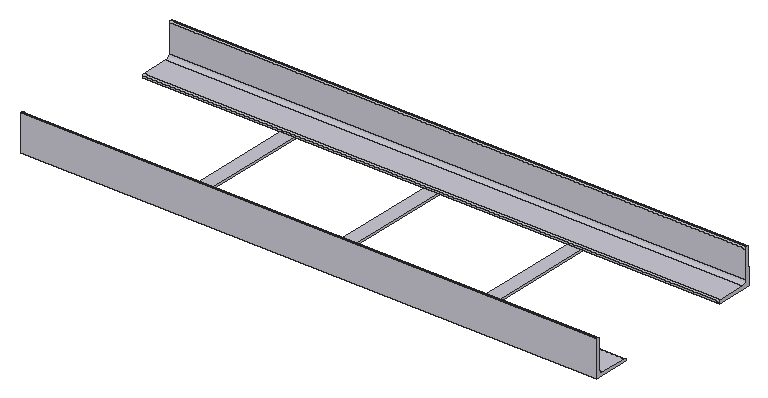
Revit family "PGS_Обобщенная модель_Перемычка металлическая", category Обобщенные модели, Revit 2022
Family settings
  Основа = Стена
  Может служить основой для арматурных стержней = Нет
  Размер круглого соединителя = Использовать диаметр
  Тип детали = Нормальный
  Всегда вертикально = Да
  При загрузке вырезать с полостями = Нет
  Сохранять ориентацию аннотаций = Нет
  Общий = Да
  Точка принадлежности помещению = Нет
Parameters (values of type "ADSK_Обобщенная модель_Перемычка из уголков")
  уголок_опирание_2 [instance] = 250 mm
  уголок_опирание_1 [instance] = 250 mm
  толщина стены [instance] = Толщина стены  # 920 mm
  полоса_шаг [instance] = if(Полоса_Шаг < size_lookup(ТВ1, "b", 10 mm, Полоса), size_lookup(ТВ1, "b", 10 mm, Полоса), Полоса_Шаг)  # 500 mm
  Ширина проема [instance] = 1510 mm
  Уголок_Полки внутрь [instance] = no
  Толщина утеплителя [instance] = 0 mm
  Толщина сердцевины [instance] = 640 mm
  Толщина наружной отделки [instance] = 260 mm
  Толщина внутренней отделки [instance] = 20 mm
  ТВ3 = "Уголок_ГОСТ 8510-86"  # constant formula
  Проверка_неравн_уголок [instance] = if(m_неравн_на_мп > 0.00 kg/m, 1 = 1, 1 = 0)  # no
  Полоса [instance] = "6x50"
  Орг.ТипВключатьВСпецификацию [instance] = no
  Орг.ИзделиеТипПодсчета [instance] = 200  # constant formula
  Опорные уголки [instance] = "125х10"
  Мрк.МаркаКонструкции [instance] = ""
  Внутренний уголок [instance] = "125х10"
  Уголок для облицовки [instance] = "125х10"
  ТВ2 = "Уголок_ГОСТ 8509-93"  # constant formula
  толщина внутренней отделки [instance] = if(Толщина стены - Толщина внутренней отделки - Толщина наружной отделки = Толщина сердцевины, Толщина внутренней отделки, Толщина стены - Толщина внутренней отделки)  # 20 mm
  ТВ1 = "Прокат_Полоса_ГОСТ 103-2006"  # constant formula
  Размер четверти [instance] = 0 mm
  Пластина_отступ_массив [instance] = if((Ширина проема - полоса_шаг * (round(Ширина проема / полоса_шаг) - 1)) / 2 > size_lookup(ТВ1, "b", 0 mm, Полоса) / 2, (Ширина проема - полоса_шаг * (round(Ширина проема / полоса_шаг) - 1)) / 2, (Ширина проема - полоса_шаг * (round(Ширина проема / полоса_шаг) - 2)) / 2)  # 255 mm
  Полоса_Шаг [instance] = 500 mm
  Полоса_Отступ [instance] = 20 mm
  Пластина_Длина [instance] = Толщина сердцевины - 2 * Полоса_Отступ  # 600 mm
  Пластина_N [instance] = if((Ширина проема - Полоса_Шаг * (round(Ширина проема / Полоса_Шаг) - 1)) / 2 > size_lookup(ТВ1, "b", 0 mm, Полоса) / 2, if(Ширина проема / Полоса_Шаг < 3, 3, Ширина проема / Полоса_Шаг), 3)  # 3
  Перемычка 1 [instance] = Толщина утеплителя > 0 mm  # no
  Отметка по умолчанию = 0 mm
  Отметка перемычки [instance] = 2000 mm
  Описание = "Перемычка"  # constant formula
  Уголок_Длина [instance] = Ширина проема + уголок_опирание_1 + уголок_опирание_2  # 2010 mm
  Толщина стены [instance] = 920 mm
  Вкл_Видимость_1 уголок [instance] = no
  Видимость_опорный уголок_2 [instance] = no
  Видимость_опорный уголок_1 [instance] = no
  Видимость_2 уголок_неравн [instance] = if(and(Проверка_неравн_уголок, Вкл_Видимость_1 уголок), 1 = 0, if(Проверка_неравн_уголок, 1 = 1, 1 = 0))  # no
  Видимость_2 уголок [instance] = if(Вкл_Видимость_1 уголок, 1 = 0, if(not(Проверка_неравн_уголок), 1 = 1, 1 = 0))  # yes
  Видимость_1 уголок_неравн [instance] = if(Проверка_неравн_уголок, 1 = 1, 1 = 0)  # no
  Видимость_1 уголок [instance] = if(not(Видимость_1 уголок_неравн), 1 = 1, 1 = 0)  # yes
  Видимость пластин [instance] = if(or(Видимость_2 уголок, Видимость_2 уголок_неравн), 1 = 1, 1 = 0)  # yes
  m_полоса_на_мп [instance] = size_lookup(ТВ1, "ADSK_Масса на единицу длины", 0.00 kg/m, Полоса)  # 2.355 kg/m
  m_опорн_на_мп [instance] = size_lookup(ТВ2, "ADSK_Масса на единицу длины", 0.00 kg/m, Опорные уголки)  # 19.10 kg/m
  m_облиц_на_мп [instance] = size_lookup(ТВ2, "ADSK_Масса на единицу длины", 0.00 kg/m, Уголок для облицовки)  # 19.10 kg/m
  m_неравн_на_мп [instance] = size_lookup(ТВ3, "ADSK_Масса на единицу длины", 0.00 kg/m, Внутренний уголок)  # 0.00 kg/m
  m_внутр_на_мп [instance] = size_lookup(ТВ2, "ADSK_Масса на единицу длины", 0.00 kg/m, Внутренний уголок)  # 19.10 kg/m
  m4_2 [instance] = if(Видимость_опорный уголок_2, m_опорн_на_мп * Толщина сердцевины, 0.00 kg)  # 0.00 kg
  m4_1 [instance] = if(Видимость_опорный уголок_1, m_опорн_на_мп * Толщина сердцевины, 0.00 kg)  # 0.00 kg
  m3 [instance] = if(Видимость пластин, m_полоса_на_мп * Пластина_Длина, 0.00 kg)  # 1.413 kg
  m2_4 [instance] = if(Видимость_2 уголок_неравн, m_неравн_на_мп * Уголок_Длина, 0.00 kg)  # 0.00 kg
  m2_3 [instance] = if(Видимость_1 уголок_неравн, m_неравн_на_мп * Уголок_Длина, 0.00 kg)  # 0.00 kg
  m2_2 [instance] = if(Видимость_2 уголок, m_внутр_на_мп * Уголок_Длина, 0.00 kg)  # 38.391 kg
  m2_1 [instance] = if(Видимость_1 уголок, m_внутр_на_мп * Уголок_Длина, 0.00 kg)  # 38.391 kg
  m1 [instance] = if(Перемычка 1, m_облиц_на_мп * Уголок_Длина, 0.00 kg)  # 0.00 kg
  b4 [instance] = if(Уголок_Полки внутрь, Толщина стены / 2 - Толщина внутренней отделки, Толщина стены / 2 - Толщина внутренней отделки + size_lookup(ТВ2, "t", 0 mm, Внутренний уголок))  # 450 mm
  b3 [instance] = Толщина стены / 2 - Толщина наружной отделки - Полоса_Отступ  # 180 mm
  b2 [instance] = if(Уголок_Полки внутрь, Толщина стены / 2 - Толщина наружной отделки, Толщина стены / 2 - Толщина наружной отделки + size_lookup(ТВ2, "t", 0 mm, Внутренний уголок))  # 210 mm
  b1 [instance] = Толщина стены / 2 - Толщина наружной отделки + Толщина утеплителя - size_lookup(ТВ2, "t", 0 mm, Уголок для облицовки)  # 190 mm
  PGS_МаркаПеремычки [instance] = ""
  ADSK_Позиция_Сортировка [instance] = size_lookup(ТВ2, "ADSK_Группа конструкций", 0, Внутренний уголок) * 10000000000 + size_lookup(ТВ1, "ADSK_Группа конструкций", 0, Полоса) * 100000000 + if(Перемычка 1, size_lookup(ТВ2, "ADSK_Группа конструкций", 0, Уголок для облицовки), 0) * 1000000 + Уголок_Длина / 100 mm * 10000 + Пластина_Длина / 10 mm * 100 + Полоса_Шаг / 10 mm + if(and(Размер четверти > 0 mm, Толщина утеплителя > 0 mm), 0.1, 0) + if(Толщина утеплителя > 0 mm, 0.2, 0) + if(Уголок_Полки внутрь, 0.01, 0)  # 588800206610
  ADSK_Наименование [instance] = "Перемычка металлическая"  # constant formula
  ADSK_Масса элемента [instance] = m1 + m2_1 + m2_2 + m2_3 + m2_4 + m3 * Пластина_N + m4_1 + m4_2  # 81.021 kg
  ADSK_Группирование [instance] = "Родительское"
  ADSK_Группа конструкций [instance] = 6
  ADSK_Версия семейства = "1.0"  # constant formula
  ADSK_Версия Revit = "2022"  # constant formula
Types (2, lengths in mm): name | Полоса_Отступ | Пластина_Длина | m3 | b3 | ADSK_Масса элемента
  ADSK_Обобщенная модель_Перемычка из уголков | 20 | 600 | 1.413 kg | 180 | 81.021 kg
  Перемычка из уголков | -10 | 660 | 1.5543 kg | 210 | 81.4449 kg
Reference planes
  plane 1 "Стена": y = 0
  plane 2 "По центру (Влево/Вправо)": x = 125
  plane 3 "Сзади": y = 460
  plane 4: y = -440
  plane 5: y = 190
  plane 6: y = 180
  plane 7: y = -450
  plane 8 "Плоскость отметки": z = 2000
  plane 9: y = -120
  plane 10: z = 2000
  plane 11: y = -460
  plane 12: z = 0
  plane 13: x = -630
  plane 14: x = 880
  plane 15: x = -880
  plane 16: x = 1130
  plane 17: y = 210
  plane 18: x = -375
  plane 19: x = 125
Lines and regions (mm)
  model lines, style "InvisibleLines", not visible
    curve 1: line (125, 0, 2000) -> (125, 0, 0)
  symbolic lines, style "Условные элементы", detail levels coarse
    curve 2: line (-880, -120, 0) -> (1130, -120, 0)
Text (mm)
  text "Сторона размещения" at (-1848.837, 1116.779, 0), in view "Опорный уровень"
  text "Сторона размещения" at (0, 1409.804, 2854.306), in view "Слева"
  text "Сторона размещения" at (0, 499.811, 2980.732), in view "Справа"
Dimensions and locks
  locked: plane 3 "Сзади" to host wall
  "Толщина сердцевины": host wall to host wall
  "Размер четверти": plane 8 "Плоскость отметки" to plane 10
  "Толщина внутренней отделки": host wall to host wall
  "толщина внутренней отделки": plane 4 to plane 11
  "Толщина стены": host wall to host wall
  "Отметка перемычки": plane 8 "Плоскость отметки" to plane 12
  "Толщина наружной отделки": host wall to host wall
  equal spacing: host wall, plane 9, host wall
  equal spacing: plane 13, plane 2 "По центру (Влево/Вправо)", plane 14
  "Ширина проема": plane 13 to plane 14
  "толщина стены": plane 3 "Сзади" to plane 11
  "b1": plane 5 to plane 1 "Стена"
  "b3": plane 6 to plane 1 "Стена"
  "b4": plane 1 "Стена" to plane 7
  "b2": plane 17 to plane 1 "Стена"
  "полоса_шаг": plane 18 to plane 19
  "Пластина_отступ_массив": plane 13 to plane 18
  equal spacing: group 1, group 2, group 3  (x3)
  "уголок_опирание_2": plane 14 to plane 16
  "уголок_опирание_1": plane 15 to plane 13
  aligned and locked: plane 1 "Стена" to host wall
  aligned and locked: plane 10 to nested 1
  aligned and locked: level to plane 12
  aligned and locked: plane 2 "По центру (Влево/Вправо)" to curve 1
  aligned and locked: curve 2 to plane 9
  aligned and locked: plane 15 to curve 2
  aligned and locked: plane 16 to curve 2
  aligned and locked: plane 5 to nested 1
  aligned and locked: plane 8 "Плоскость отметки" to nested 2  (x2)
  aligned and locked: plane 6 to nested 2
  aligned and locked: plane 17 to nested 3
  aligned and locked: nested 4 to plane 7
  aligned and locked: plane 18 to nested 2
  aligned and locked: plane 19 to nested 5
  aligned and locked: nested 2 to plane 6
  aligned and locked: plane 6 to nested 5
  aligned and locked: nested 5 to plane 8 "Плоскость отметки"
  aligned and locked: nested 1 to plane 13
  aligned and locked: nested 3 to plane 13
  aligned and locked: plane 14 to nested 3
  aligned and locked: plane 13 to nested 4
  aligned and locked: nested 4 to plane 14
  aligned and locked: plane 15 to nested 7
  aligned and locked: plane 8 "Плоскость отметки" to nested 7
  aligned and locked: plane 16 to nested 8
  aligned and locked: nested 7 to plane 8 "Плоскость отметки"
  aligned and locked: plane 8 "Плоскость отметки" to nested 8
  aligned and locked: plane 4 to nested 7  (x2)
  aligned and locked: plane 4 to nested 8
  aligned and locked: nested 7 to plane 4
  aligned and locked: nested 10 to plane 2 "По центру (Влево/Вправо)"
  aligned and locked: plane 7 to nested 10
  aligned and locked: plane 17 to nested 9
  aligned and locked: nested 9 to plane 13
  aligned and locked: nested 10 to plane 13
  aligned and locked: nested 9 to plane 8 "Плоскость отметки"
  aligned and locked: nested 10 to plane 8 "Плоскость отметки"
Automatic sketch dimensions
  curve 1 to level = 0 mm
  curve 1 to plane 8 "Плоскость отметки" = 0 mm
Nested families
  nested 1: "ADSK_ОбобщеннаяМодель_Уголок_ГОСТ 85091" at (350, 190, 2000) x (-1, 0, 0) z (0, 0, 1), Тип уголка <- "Уголок для облицовки", visible <- "Перемычка 1", ADSK_Группа конструкций <- "ADSK_Группа конструкций", Орг.ТипВключатьВСпецификацию <- "Орг.ТипВключатьВСпецификацию", Мрк.МаркаКонструкции <- "Мрк.МаркаКонструкции", ADSK_Масса элемента <- "m1", Длина_без опирания <- "Ширина проема", Опирание_1 <- "уголок_опирание_2", Опирание_2 <- "уголок_опирание_1", type "ADSK_ОбобщеннаяМодель_Уголок_ГОСТ 8509-93", detail levels medium+fine
    with Тип уголка "125х10", Смещение по Z yes, Смещение по Y yes, Профиль развернут no, Орг.ТипВключатьВСпецификацию no, Орг.ИзделиеТипПодсчета 100, Опирание_2 250 mm, Опирание_1 250 mm, Длина_без опирания 1510 mm, t 1.0 cm, r 0.46 cm, iyo 2.47 cm, ix 3.85 cm, b 12.5 cm, Z 34.5 mm, Y 34.5 mm, Xo 3.45 cm, Wyo 30.45 cm³, Wx 39.74 cm³, R 1.4 cm, PGS_МаркаПеремычки "", Iyo 148.59 cm⁴, Ixy 211.00 cm⁴, Ixo 571.04 cm⁴, Ix 359.82 cm⁴, ADSK_Тип элемента КМ 2, ADSK_Позиция ведомость элементов "", ADSK_Наименование профиля "Уголки стальные горячекатаные равнополочные", ADSK_Наименование краткое "125x10", ADSK_Наименование "125x10", ADSK_Материал ADSK_Металл_Сталь литейная, ADSK_Масса элемента 0.00 kg, ADSK_Масса на единицу длины 19.10 kg/m, Мрк.МаркаКонструкции "", Мрк.МаркаИзделия "", ADSK_Деталь наоборот no, ADSK_Группирование "Вложенное", ADSK_Группа конструкций 6, ADSK_Главная деталь конструкции no, Орг.ГлавнаяДетальСборки no, ADSK_Размер_Длина 2010 mm
  nested 2: "ADSK_ОбобщеннаяМодель_Прокат_Полоса_ГОСТ 103-2006" at (-375, -420, 2000) x (0, 1, 0) z (0, 0, -1), Сечение проката <- "Полоса", ADSK_Размер_Длина <- "Пластина_Длина", visible <- "Видимость пластин", ADSK_Группа конструкций <- "ADSK_Группа конструкций", ADSK_Шаг элементов <- "Полоса_Шаг", Орг.ТипВключатьВСпецификацию <- "Орг.ТипВключатьВСпецификацию", Мрк.МаркаКонструкции <- "Мрк.МаркаКонструкции", ADSK_Масса элемента <- "m3", type "ADSK_ОбобщеннаяМодель_Прокат_Полоса_ГОСТ 103-2006", detail levels medium+fine
    with Угол поворота сечения 0.00°, Угол 0.00°, Угловой вырез_Сторона 2 2.0 cm, Угловой вырез_Сторона 1 4.0 cm, Угловой вырез_Радиус 2.0 cm, Угловой вырез_4 none, Угловой вырез_3 none, Угловой вырез_2 none, Угловой вырез_1 none, Смещение по Z yes, Смещение по Y no, Сечение проката "6x50", Орг.ТипВключатьВСпецификацию no, Орг.ИзделиеТипПодсчета 100, Вырез под болты_С торцов none, Вырез под болты_С боков none, Вырез под болты_Размер до центра 20 mm, Вырез под болты_Диаметр 20 mm, Видимость линии yes, b 5.0 cm, a 0.6 cm, Z(1) 0.6 cm, Z(-1) 0.0 cm, Z 0.3 cm, Y(1) 2.5 cm, Y(-1) 2.5 cm, Y 0.0 cm, PGS_МаркаПеремычки "", ADSK_Шаг элементов 500 mm, ADSK_Тип элемента КМ 2, ADSK_Размер_Длина 600 mm, ADSK_Позиция ведомость элементов "", ADSK_Обозначение "ГОСТ 103-2006", ADSK_НаименованиеСоставное_Текст1 "Полоса", ADSK_Наименование профиля "Прокат сортовой стальной горячекатаный полосовой", ADSK_Наименование краткое "t6", ADSK_Наименование "6x50", ADSK_Материал ADSK_Металл_Сталь литейная, ADSK_Масса элемента 1.413 kg, ADSK_Масса на единицу длины 2.355 kg/m, Мрк.МаркаКонструкции "", Мрк.МаркаИзделия "", ADSK_Деталь наоборот no, ADSK_Группирование "Вложенное", ADSK_Группа конструкций 6, ADSK_Главная деталь конструкции no, Орг.ГлавнаяДетальСборки no
  nested 3: "ADSK_ОбобщеннаяМодель_Уголок_ГОСТ 85091" at (-100, 210, 2000), ADSK_Группа конструкций <- "ADSK_Группа конструкций", Тип уголка <- "Внутренний уголок", Профиль развернут <- "Уголок_Полки внутрь", visible <- "Видимость_2 уголок", Орг.ТипВключатьВСпецификацию <- "Орг.ТипВключатьВСпецификацию", Мрк.МаркаКонструкции <- "Мрк.МаркаКонструкции", ADSK_Масса элемента <- "m2_1", Опирание_1 <- "уголок_опирание_1", Опирание_2 <- "уголок_опирание_2", Длина_без опирания <- "Ширина проема", type "ADSK_ОбобщеннаяМодель_Уголок_ГОСТ 8509-93", detail levels medium+fine
    with Тип уголка "125х10", Смещение по Z yes, Смещение по Y yes, Профиль развернут no, Орг.ТипВключатьВСпецификацию no, Орг.ИзделиеТипПодсчета 100, Опирание_2 250 mm, Опирание_1 250 mm, Длина_без опирания 1510 mm, t 1.0 cm, r 0.46 cm, iyo 2.47 cm, ix 3.85 cm, b 12.5 cm, Z 34.5 mm, Y 34.5 mm, Xo 3.45 cm, Wyo 30.45 cm³, Wx 39.74 cm³, R 1.4 cm, PGS_МаркаПеремычки "", Iyo 148.59 cm⁴, Ixy 211.00 cm⁴, Ixo 571.04 cm⁴, Ix 359.82 cm⁴, ADSK_Тип элемента КМ 2, ADSK_Позиция ведомость элементов "", ADSK_Наименование профиля "Уголки стальные горячекатаные равнополочные", ADSK_Наименование краткое "125x10", ADSK_Наименование "125x10", ADSK_Материал ADSK_Металл_Сталь литейная, ADSK_Масса элемента 38.391 kg, ADSK_Масса на единицу длины 19.10 kg/m, Мрк.МаркаКонструкции "", Мрк.МаркаИзделия "", ADSK_Деталь наоборот no, ADSK_Группирование "Вложенное", ADSK_Группа конструкций 6, ADSK_Главная деталь конструкции no, Орг.ГлавнаяДетальСборки no, ADSK_Размер_Длина 2010 mm
  nested 4: "ADSK_ОбобщеннаяМодель_Уголок_ГОСТ 85091" at (-100, -450, 2000), ADSK_Группа конструкций <- "ADSK_Группа конструкций", Тип уголка <- "Внутренний уголок", Профиль развернут <- "Уголок_Полки внутрь", visible <- "Видимость_1 уголок", Орг.ТипВключатьВСпецификацию <- "Орг.ТипВключатьВСпецификацию", Мрк.МаркаКонструкции <- "Мрк.МаркаКонструкции", ADSK_Масса элемента <- "m2_1", Опирание_1 <- "уголок_опирание_1", Опирание_2 <- "уголок_опирание_2", Длина_без опирания <- "Ширина проема", type "ADSK_ОбобщеннаяМодель_Уголок_ГОСТ 8509-93", detail levels medium+fine
    with Тип уголка "125х10", Смещение по Z yes, Смещение по Y yes, Профиль развернут no, Орг.ТипВключатьВСпецификацию no, Орг.ИзделиеТипПодсчета 100, Опирание_2 250 mm, Опирание_1 250 mm, Длина_без опирания 1510 mm, t 1.0 cm, r 0.46 cm, iyo 2.47 cm, ix 3.85 cm, b 12.5 cm, Z 34.5 mm, Y 34.5 mm, Xo 3.45 cm, Wyo 30.45 cm³, Wx 39.74 cm³, R 1.4 cm, PGS_МаркаПеремычки "", Iyo 148.59 cm⁴, Ixy 211.00 cm⁴, Ixo 571.04 cm⁴, Ix 359.82 cm⁴, ADSK_Тип элемента КМ 2, ADSK_Позиция ведомость элементов "", ADSK_Наименование профиля "Уголки стальные горячекатаные равнополочные", ADSK_Наименование краткое "125x10", ADSK_Наименование "125x10", ADSK_Материал ADSK_Металл_Сталь литейная, ADSK_Масса элемента 38.391 kg, ADSK_Масса на единицу длины 19.10 kg/m, Мрк.МаркаКонструкции "", Мрк.МаркаИзделия "", ADSK_Деталь наоборот no, ADSK_Группирование "Вложенное", ADSK_Группа конструкций 6, ADSK_Главная деталь конструкции no, Орг.ГлавнаяДетальСборки no, ADSK_Размер_Длина 2010 mm
  nested 5: "ADSK_ОбобщеннаяМодель_Прокат_Полоса_ГОСТ 103-2006" at (125, -420, 2000) x (0, 1, 0) z (0, 0, -1), Сечение проката <- "Полоса", ADSK_Размер_Длина <- "Пластина_Длина", visible <- "Видимость пластин", ADSK_Группа конструкций <- "ADSK_Группа конструкций", ADSK_Шаг элементов <- "Полоса_Шаг", Орг.ТипВключатьВСпецификацию <- "Орг.ТипВключатьВСпецификацию", Мрк.МаркаКонструкции <- "Мрк.МаркаКонструкции", ADSK_Масса элемента <- "m3", type "ADSK_ОбобщеннаяМодель_Прокат_Полоса_ГОСТ 103-2006", detail levels medium+fine
    with Угол поворота сечения 0.00°, Угол 0.00°, Угловой вырез_Сторона 2 2.0 cm, Угловой вырез_Сторона 1 4.0 cm, Угловой вырез_Радиус 2.0 cm, Угловой вырез_4 none, Угловой вырез_3 none, Угловой вырез_2 none, Угловой вырез_1 none, Смещение по Z yes, Смещение по Y no, Сечение проката "6x50", Орг.ТипВключатьВСпецификацию no, Орг.ИзделиеТипПодсчета 100, Вырез под болты_С торцов none, Вырез под болты_С боков none, Вырез под болты_Размер до центра 20 mm, Вырез под болты_Диаметр 20 mm, Видимость линии yes, b 5.0 cm, a 0.6 cm, Z(1) 0.6 cm, Z(-1) 0.0 cm, Z 0.3 cm, Y(1) 2.5 cm, Y(-1) 2.5 cm, Y 0.0 cm, PGS_МаркаПеремычки "", ADSK_Шаг элементов 500 mm, ADSK_Тип элемента КМ 2, ADSK_Размер_Длина 600 mm, ADSK_Позиция ведомость элементов "", ADSK_Обозначение "ГОСТ 103-2006", ADSK_НаименованиеСоставное_Текст1 "Полоса", ADSK_Наименование профиля "Прокат сортовой стальной горячекатаный полосовой", ADSK_Наименование краткое "t6", ADSK_Наименование "6x50", ADSK_Материал ADSK_Металл_Сталь литейная, ADSK_Масса элемента 1.413 kg, ADSK_Масса на единицу длины 2.355 kg/m, Мрк.МаркаКонструкции "", Мрк.МаркаИзделия "", ADSK_Деталь наоборот no, ADSK_Группирование "Вложенное", ADSK_Группа конструкций 6, ADSK_Главная деталь конструкции no, Орг.ГлавнаяДетальСборки no
  nested 6: "ADSK_ОбобщеннаяМодель_Прокат_Полоса_ГОСТ 103-2006" at (625, -420, 2000) x (0, 1, 0) z (0, 0, -1), Сечение проката <- "Полоса", ADSK_Размер_Длина <- "Пластина_Длина", visible <- "Видимость пластин", ADSK_Группа конструкций <- "ADSK_Группа конструкций", ADSK_Шаг элементов <- "Полоса_Шаг", Орг.ТипВключатьВСпецификацию <- "Орг.ТипВключатьВСпецификацию", Мрк.МаркаКонструкции <- "Мрк.МаркаКонструкции", ADSK_Масса элемента <- "m3", type "ADSK_ОбобщеннаяМодель_Прокат_Полоса_ГОСТ 103-2006", detail levels medium+fine
    with Угол поворота сечения 0.00°, Угол 0.00°, Угловой вырез_Сторона 2 2.0 cm, Угловой вырез_Сторона 1 4.0 cm, Угловой вырез_Радиус 2.0 cm, Угловой вырез_4 none, Угловой вырез_3 none, Угловой вырез_2 none, Угловой вырез_1 none, Смещение по Z yes, Смещение по Y no, Сечение проката "6x50", Орг.ТипВключатьВСпецификацию no, Орг.ИзделиеТипПодсчета 100, Вырез под болты_С торцов none, Вырез под болты_С боков none, Вырез под болты_Размер до центра 20 mm, Вырез под болты_Диаметр 20 mm, Видимость линии yes, b 5.0 cm, a 0.6 cm, Z(1) 0.6 cm, Z(-1) 0.0 cm, Z 0.3 cm, Y(1) 2.5 cm, Y(-1) 2.5 cm, Y 0.0 cm, PGS_МаркаПеремычки "", ADSK_Шаг элементов 500 mm, ADSK_Тип элемента КМ 2, ADSK_Размер_Длина 600 mm, ADSK_Позиция ведомость элементов "", ADSK_Обозначение "ГОСТ 103-2006", ADSK_НаименованиеСоставное_Текст1 "Полоса", ADSK_Наименование профиля "Прокат сортовой стальной горячекатаный полосовой", ADSK_Наименование краткое "t6", ADSK_Наименование "6x50", ADSK_Материал ADSK_Металл_Сталь литейная, ADSK_Масса элемента 1.413 kg, ADSK_Масса на единицу длины 2.355 kg/m, Мрк.МаркаКонструкции "", Мрк.МаркаИзделия "", ADSK_Деталь наоборот no, ADSK_Группирование "Вложенное", ADSK_Группа конструкций 6, ADSK_Главная деталь конструкции no, Орг.ГлавнаяДетальСборки no
  nested 7: "ADSK_ОбобщеннаяМодель_Уголок_ГОСТ 85091_опорный" at (-755, -130, 2000) x (0, 1, 0) z (0, 0, -1), ADSK_Группа конструкций <- "ADSK_Группа конструкций", Тип уголка <- "Опорные уголки", visible <- "Видимость_опорный уголок_1", Орг.ТипВключатьВСпецификацию <- "Орг.ТипВключатьВСпецификацию", Мрк.МаркаКонструкции <- "Мрк.МаркаКонструкции", ADSK_Масса элемента <- "m4_1", ADSK_Размер_Длина <- "Толщина сердцевины", type "ADSK_ОбобщеннаяМодель_Уголок_ГОСТ 8509-93 2", detail levels medium+fine
    with Тип уголка "125х10", Смещение по Z yes, Смещение по Y yes, Профиль развернут yes, Орг.ТипВключатьВСпецификацию no, Орг.ИзделиеТипПодсчета 100, t 1.0 cm, r 0.46 cm, iyo 2.47 cm, ix 3.85 cm, b 12.5 cm, Z 34.5 mm, Y 90.5 mm, Xo 3.45 cm, Wyo 30.45 cm³, Wx 39.74 cm³, R 1.4 cm, PGS_МаркаПеремычки "", Iyo 148.59 cm⁴, Ixy 211.00 cm⁴, Ixo 571.04 cm⁴, Ix 359.82 cm⁴, ADSK_Тип элемента КМ 2, ADSK_Размер_Длина 640 mm, ADSK_Позиция ведомость элементов "", ADSK_Наименование профиля "Уголки стальные горячекатаные равнополочные", ADSK_Наименование краткое "125x10", ADSK_Наименование "125x10", ADSK_Материал ADSK_Металл_Сталь литейная, ADSK_Масса элемента 0.00 kg, ADSK_Масса на единицу длины 19.10 kg/m, Мрк.МаркаКонструкции "", Мрк.МаркаИзделия "", ADSK_Деталь наоборот no, ADSK_Группирование "Вложенное", ADSK_Группа конструкций 6, ADSK_Главная деталь конструкции no, Орг.ГлавнаяДетальСборки no
  nested 8: "ADSK_ОбобщеннаяМодель_Уголок_ГОСТ 85091_опорный" at (1130, -130, 2000) x (0, 1, 0) z (0, 0, -1), ADSK_Группа конструкций <- "ADSK_Группа конструкций", Тип уголка <- "Опорные уголки", visible <- "Видимость_опорный уголок_2", Орг.ТипВключатьВСпецификацию <- "Орг.ТипВключатьВСпецификацию", Мрк.МаркаКонструкции <- "Мрк.МаркаКонструкции", ADSK_Масса элемента <- "m4_2", ADSK_Размер_Длина <- "Толщина сердцевины", type "ADSK_ОбобщеннаяМодель_Уголок_ГОСТ 8509-93 2", detail levels medium+fine
    with Тип уголка "125х10", Смещение по Z yes, Смещение по Y yes, Профиль развернут no, Орг.ТипВключатьВСпецификацию no, Орг.ИзделиеТипПодсчета 100, t 1.0 cm, r 0.46 cm, iyo 2.47 cm, ix 3.85 cm, b 12.5 cm, Z 34.5 mm, Y 34.5 mm, Xo 3.45 cm, Wyo 30.45 cm³, Wx 39.74 cm³, R 1.4 cm, PGS_МаркаПеремычки "", Iyo 148.59 cm⁴, Ixy 211.00 cm⁴, Ixo 571.04 cm⁴, Ix 359.82 cm⁴, ADSK_Тип элемента КМ 2, ADSK_Размер_Длина 640 mm, ADSK_Позиция ведомость элементов "", ADSK_Наименование профиля "Уголки стальные горячекатаные равнополочные", ADSK_Наименование краткое "125x10", ADSK_Наименование "125x10", ADSK_Материал ADSK_Металл_Сталь литейная, ADSK_Масса элемента 0.00 kg, ADSK_Масса на единицу длины 19.10 kg/m, Мрк.МаркаКонструкции "", Мрк.МаркаИзделия "", ADSK_Деталь наоборот no, ADSK_Группирование "Вложенное", ADSK_Группа конструкций 6, ADSK_Главная деталь конструкции no, Орг.ГлавнаяДетальСборки no
  nested 9: "PGS_ОбобщеннаяМодель_Уголок_ГОСТ 8510-86" at (150, 155.1, 2034.3) x (-1, 0, 0) z (0, 0, 1), Опирание_1 <- "уголок_опирание_1", Опирание_2 <- "уголок_опирание_2", Длина_без опирания <- "Ширина проема", Тип уголка <- "Внутренний уголок", visible <- "Видимость_2 уголок_неравн", Мрк.МаркаКонструкции <- "Мрк.МаркаКонструкции", ADSK_Масса элемента <- "m2_4", Орг.ТипВключатьВСпецификацию <- "Орг.ТипВключатьВСпецификацию", Профиль развернут <- "Уголок_Полки внутрь", type "ADSK_ОбобщеннаяМодель_Уголок_ГОСТ 8510-86"
    with Тип уголка "125х10", Смещение по Z no, Смещение по Y no, Профиль развернут no, Орг.ТипВключатьВСпецификацию no, Орг.ИзделиеТипПодсчета 100, Орг.ГлавнаяДетальСборки no, Опирание_2 250 mm, Опирание_1 250 mm, Мрк.МаркаКонструкции "", Мрк.МаркаИзделия "", Длина_без опирания 1510 mm, t 0.3 cm, r 0.12 cm, lumin 0.00 cm⁴, ix 0.0 cm, iumin 0.0 cm, b 2.0 cm, Z 0 mm, Y 0 mm, Xo 0.12 cm, Wy 0.0 cm³, Wx 0.0 cm³, R 0.35 cm, PGS_МаркаПеремычки "", Iy 0.00 cm⁴, Ixy 0.00 cm⁴, Ix 0.00 cm⁴, ADSK_Тип элемента КМ 2, ADSK_Позиция ведомость элементов "", ADSK_Наименование профиля "Уголки стальные горячекатаные неравнополочные", ADSK_Наименование краткое "Неверный тип уголка", ADSK_Наименование "Неверный тип уголка", ADSK_Материал ADSK_Металл_Сталь литейная, ADSK_Масса элемента 0.00 kg, ADSK_Масса на единицу длины 0.00 kg/m, ADSK_Деталь наоборот no, ADSK_Группирование "Вложенное", ADSK_Группа конструкций 6, ADSK_Главная деталь конструкции no, ADSK_Размер_Длина 2010 mm
  nested 10: "PGS_ОбобщеннаяМодель_Уголок_ГОСТ 8510-86" at (100, -395.1, 2034.3), Опирание_1 <- "уголок_опирание_1", Опирание_2 <- "уголок_опирание_2", Длина_без опирания <- "Ширина проема", Тип уголка <- "Внутренний уголок", visible <- "Видимость_1 уголок_неравн", Мрк.МаркаКонструкции <- "Мрк.МаркаКонструкции", ADSK_Масса элемента <- "m2_3", Орг.ТипВключатьВСпецификацию <- "Орг.ТипВключатьВСпецификацию", Профиль развернут <- "Уголок_Полки внутрь", type "ADSK_ОбобщеннаяМодель_Уголок_ГОСТ 8510-86"
    with Тип уголка "125х10", Смещение по Z no, Смещение по Y no, Профиль развернут no, Орг.ТипВключатьВСпецификацию no, Орг.ИзделиеТипПодсчета 100, Орг.ГлавнаяДетальСборки no, Опирание_2 250 mm, Опирание_1 250 mm, Мрк.МаркаКонструкции "", Мрк.МаркаИзделия "", Длина_без опирания 1510 mm, t 0.3 cm, r 0.12 cm, lumin 0.00 cm⁴, ix 0.0 cm, iumin 0.0 cm, b 2.0 cm, Z 0 mm, Y 0 mm, Xo 0.12 cm, Wy 0.0 cm³, Wx 0.0 cm³, R 0.35 cm, PGS_МаркаПеремычки "", Iy 0.00 cm⁴, Ixy 0.00 cm⁴, Ix 0.00 cm⁴, ADSK_Тип элемента КМ 2, ADSK_Позиция ведомость элементов "", ADSK_Наименование профиля "Уголки стальные горячекатаные неравнополочные", ADSK_Наименование краткое "Неверный тип уголка", ADSK_Наименование "Неверный тип уголка", ADSK_Материал ADSK_Металл_Сталь литейная, ADSK_Масса элемента 0.00 kg, ADSK_Масса на единицу длины 0.00 kg/m, ADSK_Деталь наоборот no, ADSK_Группирование "Вложенное", ADSK_Группа конструкций 6, ADSK_Главная деталь конструкции no, ADSK_Размер_Длина 2010 mm
Definition of nested family "ADSK_ОбобщеннаяМодель_Уголок_ГОСТ 85091"
  Parameters (values of type "ADSK_ОбобщеннаяМодель_Уголок_ГОСТ 8509-93")
    Смещение по Z [instance] = no
    Смещение по Y [instance] = no
    Тип уголка [instance] = "50х5"
    ТВ = "Уголок_ГОСТ 8509-93"  # constant formula
    Профиль развернут [instance] = no
    Default Elevation = 1219.2 mm
    Орг.ТипВключатьВСпецификацию [instance] = no
    Орг.ИзделиеТипПодсчета [instance] = 100  # constant formula
    Опирание_2 [instance] = 50 mm
    Опирание_1 [instance] = 50 mm
    Длина_без опирания [instance] = 1510 mm
    r [instance] = size_lookup(ТВ, "r", 0.12 cm, ADSK_Наименование)  # 0.18 cm
    iyo [instance] = size_lookup(ТВ, "iyo", 0.0 cm, ADSK_Наименование)  # 0.98 cm
    ix [instance] = size_lookup(ТВ, "ix", 0.0 cm, ADSK_Наименование)  # 1.53 cm
    b [instance] = size_lookup(ТВ, "b", 2.0 cm, ADSK_Наименование)  # 5.0 cm
    t [instance] = size_lookup(ТВ, "t", 0.3 cm, ADSK_Наименование)  # 0.5 cm
    Z [instance] = if(Смещение по Z, Xo, 0 mm)  # 0 mm
    Y [instance] = if(Профиль развернут, if(Смещение по Y, b - Xo, 0 mm), if(Смещение по Y, Xo, 0 mm))  # 0 mm
    Xo [instance] = size_lookup(ТВ, "Xo", 0.12 cm, ADSK_Наименование)  # 1.42 cm
    Wyo [instance] = size_lookup(ТВ, "Wyo", 0.0 cm³, ADSK_Наименование)  # 2.3 cm³
    Wx [instance] = size_lookup(ТВ, "Wx", 0.0 cm³, ADSK_Наименование)  # 3.13 cm³
    R [instance] = size_lookup(ТВ, "R", 0.35 cm, ADSK_Наименование)  # 0.55 cm
    PGS_МаркаПеремычки [instance] = ""
    Iyo [instance] = size_lookup(ТВ, "Iyo", 0.00 cm⁴, ADSK_Наименование)  # 4.63 cm⁴
    Ixy [instance] = size_lookup(ТВ, "Ixy", 0.00 cm⁴, ADSK_Наименование)  # 6.57 cm⁴
    Ixo [instance] = size_lookup(ТВ, "Ixo", 0.00 cm⁴, ADSK_Наименование)  # 17.77 cm⁴
    Ix [instance] = size_lookup(ТВ, "Ix", 0.00 cm⁴, ADSK_Наименование)  # 11.20 cm⁴
    ADSK_Размер_Длина [instance] = 1610 mm
    ADSK_Позиция ведомость элементов [instance] = ""
    ADSK_Обозначение = "ГОСТ8509-93"  # constant formula
    ADSK_НаименованиеСоставное_Префикс = ""  # constant formula
    ADSK_НаименованиеСоставное_Текст1 = "Уголок"  # constant formula
    ADSK_Наименование краткое [instance] = ADSK_Наименование  # "50x5"
    ADSK_Наименование [instance] = size_lookup(ТВ, "", "Неверный тип уголка", Тип уголка)  # "50x5"
    ADSK_Материал [instance] = none
    ADSK_Масса элемента [instance] = 6.0697 kg
    ADSK_Масса на единицу длины [instance] = size_lookup(ТВ, "ADSK_Масса на единицу длины", 0.00 kg/m, ADSK_Наименование)  # 3.77 kg/m
    Мрк.МаркаКонструкции [instance] = ""
    ADSK_Тип элемента КМ [instance] = 2
    ADSK_Наименование профиля [instance] = "Уголки стальные горячекатаные равнополочные"  # constant formula
    Мрк.МаркаИзделия [instance] = ""
    ADSK_Деталь наоборот [instance] = no
    ADSK_Группирование [instance] = "Вложенное"  # constant formula
    ADSK_Группа конструкций [instance] = 6
    ADSK_Главная деталь конструкции [instance] = no
    Орг.ГлавнаяДетальСборки [instance] = no
    ADSK_Высота строки_Изображение = 0
    ADSK_Версия семейства = "1.0"  # constant formula
    ADSK_Версия Revit = "2021"  # constant formula
  Reference planes
    plane 1 "По центру (Вперед/Назад)": y = 0
    plane 2: z = 0
    plane 3 "По центру (Влево/Вправо)": x = 25
    plane 4: x = -780
    plane 5: x = 830
    plane 6: x = -730
    plane 7: x = 780
  Forms (mm)
    Sweep 1, solid, material <- "ADSK_Материал", detail levels coarse+medium
      path origin (0, 0, 0) x (1, 0, 0) y (0, 1, 0)
        loop
          line (830, 0) -> (-780, 0)
      profile "ADSK_Профиль_Уголок_ГОСТ 8509-93(ГОСТ 8510-86)_Средний : ADSK_Профиль_Уголок_ГОСТ 8509-93(ГОСТ 8510-86)_Средний" origin (25, 0, 0) x (0, -1, 0) y (0, 0, 1)
        loop
          line (-14.2, 35.8) -> (-14.2, -14.2) -> (35.8, -14.2) -> (35.8, -9.2) -> (-9.2, -9.2) -> (-9.2, 35.8) -> (-14.2, 35.8)
    Sweep 2, solid, material <- "ADSK_Материал", detail levels fine
      path origin (0, 0, 0) x (1, 0, 0) y (0, 1, 0)
        loop
          line (830, 0) -> (-780, 0)
      profile "ADSK_Профиль_Уголок_ГОСТ 8509-93(ГОСТ 8510-86)_Высокий : ADSK_Профиль_Уголок_ГОСТ 8509-93(ГОСТ 8510-86)_Высокий" origin (25, 0, 0) x (0, -1, 0) y (0, 0, 1)
        loop
          line (-14.2, 35.8) -> (-14.2, -14.2) -> (35.8, -14.2) -> (35.8, -11)
          arc (35.8, -11) -> (35.273, -9.727) -> (34, -9.2) r 1.8
          line (34, -9.2) -> (-3.7, -9.2)
          arc (-3.7, -9.2) -> (-7.589, -7.589) -> (-9.2, -3.7) r 5.5
          line (-9.2, -3.7) -> (-9.2, 34)
          arc (-9.2, 34) -> (-9.727, 35.273) -> (-11, 35.8) r 1.8
          line (-11, 35.8) -> (-14.2, 35.8)
  Lines and regions (mm)
    symbolic lines
      curve 1: line (830, 0, -9.2) -> (-780, 0, -9.2)
      curve 2: line (-780, 9.2, -10) -> (830, 9.2, -10)
  Dimensions and locks
    "Длина_без опирания": plane 6 to plane 7
    "Опирание_1": plane 4 to plane 6
    "Опирание_2": plane 7 to plane 5
    "ADSK_Размер_Длина": Sweep 2 to Sweep 2
    aligned and locked: level to plane 2
    aligned and locked: plane 1 "По центру (Вперед/Назад)" to Sweep 1 sketch curve
    aligned and locked: plane 5 to Sweep 1 sketch curve
    aligned and locked: plane 4 to Sweep 1 sketch curve
    aligned and locked: Sweep 2 sketch curve to plane 1 "По центру (Вперед/Назад)"
    aligned and locked: plane 4 to Sweep 2 sketch curve
    aligned and locked: plane 5 to Sweep 2 sketch curve
    aligned and locked: plane 5 to curve 1
    aligned and locked: plane 4 to curve 1
    aligned and locked: plane 4 to curve 2
    aligned and locked: plane 5 to curve 2
    aligned and locked: curve 1 to Sweep 1
    aligned and locked: curve 2 to Sweep 1
Definition of nested family "ADSK_ОбобщеннаяМодель_Прокат_Полоса_ГОСТ 103-2006"
  Parameters (values of type "ADSK_ОбобщеннаяМодель_Прокат_Полоса_ГОСТ 103-2006")
    Угол поворота сечения [instance] = 0.00°
    Угол [instance] = if(not(Угол поворота сечения < rounddown(Угол поворота сечения / 360.00°) * 360.00°), Угол поворота сечения - rounddown(Угол поворота сечения / 360.00°) * 360.00°, Угол поворота сечения)  # 0.00°
    Угловой вырез_Сторона 2 [instance] = 2.0 cm
    Угловой вырез_Сторона 1 [instance] = 4.0 cm
    Угловой вырез_Радиус [instance] = 2.0 cm
    Угловой вырез_4 [instance] = Нет : Нет
    Угловой вырез_3 [instance] = Нет : Нет
    Угловой вырез_2 [instance] = Нет : Нет
    Угловой вырез_1 [instance] = Нет : Нет
    ТВ = "Прокат_Полоса_ГОСТ 103-2006"  # constant formula
    Смещение по Z [instance] = no
    Смещение по Y [instance] = no
    Сечение проката [instance] = "5x60"
    Орг.ТипВключатьВСпецификацию [instance] = no
    Орг.ИзделиеТипПодсчета [instance] = 100  # constant formula
    Вырез под болты_С торцов [instance] = Нет : Нет
    Вырез под болты_С боков [instance] = Нет : Нет
    Вырез под болты_Размер до центра [instance] = 20 mm
    Вырез под болты_Диаметр [instance] = 20 mm
    Видимость линии [instance] = or(Угол = 0.00°, Угол = 90.00°, Угол = 180.00°, Угол = 270.00°, Угол = 360.00°)  # yes
    b [instance] = size_lookup(ТВ, "b", 0.5 cm, Сечение проката)  # 6.0 cm
    a [instance] = size_lookup(ТВ, "a", 0.5 cm, Сечение проката)  # 0.5 cm
    Z(1) [instance] = if(Смещение по Z, 2 * Z, if(Угол = 0.00°, a / 2, if(Угол < 90.00°, b / 2 * sin(Угол) + a / 2 * cos(Угол), if(Угол = 90.00°, b / 2, if(Угол < 180.00°, a / 2 * sin(Угол - 90.00°) + b / 2 * cos(Угол - 90.00°), if(Угол = 180.00°, a / 2, if(Угол < 270.00°, b / 2 * sin(Угол - 180.00°) + a / 2 * cos(Угол - 180.00°), if(Угол = 270.00°, b / 2, if(Угол < 360.00°, a / 2 * sin(Угол - 270.00°) + b / 2 * cos(Угол - 270.00°), if(Угол = 360.00°, a / 2, 0.0 cm))))))))))  # 0.25 cm
    Z(-1) [instance] = if(Смещение по Z, 0.0 cm, if(Угол = 0.00°, a / 2, if(Угол < 90.00°, b / 2 * sin(Угол) + a / 2 * cos(Угол), if(Угол = 90.00°, b / 2, if(Угол < 180.00°, a / 2 * sin(Угол - 90.00°) + b / 2 * cos(Угол - 90.00°), if(Угол = 180.00°, a / 2, if(Угол < 270.00°, b / 2 * sin(Угол - 180.00°) + a / 2 * cos(Угол - 180.00°), if(Угол = 270.00°, b / 2, if(Угол < 360.00°, a / 2 * sin(Угол - 270.00°) + b / 2 * cos(Угол - 270.00°), if(Угол = 360.00°, a / 2, 0.0 cm))))))))))  # 0.25 cm
    Z [instance] = if(Смещение по Z, if(Угол = 0.00°, a / 2, if(Угол < 90.00°, b / 2 * sin(Угол) + a / 2 * cos(Угол), if(Угол = 90.00°, b / 2, if(Угол < 180.00°, a / 2 * sin(Угол - 90.00°) + b / 2 * cos(Угол - 90.00°), if(Угол = 180.00°, a / 2, if(Угол < 270.00°, b / 2 * sin(Угол - 180.00°) + a / 2 * cos(Угол - 180.00°), if(Угол = 270.00°, b / 2, if(Угол < 360.00°, a / 2 * sin(Угол - 270.00°) + b / 2 * cos(Угол - 270.00°), if(Угол = 360.00°, a / 2, 0.0 cm))))))))), 0.0 cm)  # 0.0 cm
    Y(1) [instance] = if(Смещение по Y, 2 * Y, if(Угол = 0.00°, b / 2, if(Угол < 90.00°, b / 2 * cos(Угол) + a / 2 * sin(Угол), if(Угол = 90.00°, a / 2, if(Угол < 180.00°, a / 2 * cos(Угол - 90.00°) + b / 2 * sin(Угол - 90.00°), if(Угол = 180.00°, b / 2, if(Угол < 270.00°, b / 2 * cos(Угол - 180.00°) + a / 2 * sin(Угол - 180.00°), if(Угол = 270.00°, a / 2, if(Угол < 360.00°, a / 2 * cos(Угол - 270.00°) + b / 2 * sin(Угол - 270.00°), if(Угол = 360.00°, b / 2, 0.0 cm))))))))))  # 3.0 cm
    Y(-1) [instance] = if(Смещение по Y, 0.0 cm, if(Угол = 0.00°, b / 2, if(Угол < 90.00°, b / 2 * cos(Угол) + a / 2 * sin(Угол), if(Угол = 90.00°, a / 2, if(Угол < 180.00°, a / 2 * cos(Угол - 90.00°) + b / 2 * sin(Угол - 90.00°), if(Угол = 180.00°, b / 2, if(Угол < 270.00°, b / 2 * cos(Угол - 180.00°) + a / 2 * sin(Угол - 180.00°), if(Угол = 270.00°, a / 2, if(Угол < 360.00°, a / 2 * cos(Угол - 270.00°) + b / 2 * sin(Угол - 270.00°), if(Угол = 360.00°, b / 2, 0.0 cm))))))))))  # 3.0 cm
    Y [instance] = if(Смещение по Y, if(Угол = 0.00°, b / 2, if(Угол < 90.00°, b / 2 * cos(Угол) + a / 2 * sin(Угол), if(Угол = 90.00°, a / 2, if(Угол < 180.00°, a / 2 * cos(Угол - 90.00°) + b / 2 * sin(Угол - 90.00°), if(Угол = 180.00°, b / 2, if(Угол < 270.00°, b / 2 * cos(Угол - 180.00°) + a / 2 * sin(Угол - 180.00°), if(Угол = 270.00°, a / 2, if(Угол < 360.00°, a / 2 * cos(Угол - 270.00°) + b / 2 * sin(Угол - 270.00°), if(Угол = 360.00°, b / 2, 0.0 cm))))))))), 0.0 cm)  # 0.0 cm
    PGS_МаркаПеремычки [instance] = ""
    ADSK_Шаг элементов [instance] = 0 mm
    ADSK_Размер_Длина [instance] = 500 mm
    Default Elevation = 1100 mm
    ADSK_Обозначение [instance] = size_lookup(ТВ, "ADSK_Обозначение", "Полоса не найдена", Сечение проката)  # "ГОСТ 103-2006"
    ADSK_НаименованиеСоставное_Текст1 [instance] = size_lookup(ТВ, "ADSK_Наименование_Текст1", "Полоса не найдена", Сечение проката)  # "Полоса"
    ADSK_НаименованиеСоставное_Префикс = "—"  # constant formula
    ADSK_Наименование краткое [instance] = size_lookup(ТВ, "ADSK_Наименование краткое", "Полоса не найдена", Сечение проката)  # "t5"
    ADSK_Наименование [instance] = size_lookup(ТВ, "", "Полоса не найдена", Сечение проката)  # "5x60"
    ADSK_Материал [instance] = none
    ADSK_Масса элемента [instance] = 0.00 kg
    ADSK_Масса на единицу длины [instance] = size_lookup(ТВ, "ADSK_Масса на единицу длины", 0.00 kg/m, Сечение проката)  # 2.355 kg/m
    Мрк.МаркаКонструкции [instance] = ""
    ADSK_Тип элемента КМ [instance] = 4
    ADSK_Позиция ведомость элементов [instance] = ""
    ADSK_Наименование профиля [instance] = size_lookup(ТВ, "ADSK_Наименование профиля", "Полоса не найдена", Сечение проката)  # "Прокат сортовой стальной горячекатаный полосовой"
    Мрк.МаркаИзделия [instance] = ""
    ADSK_Деталь наоборот [instance] = no
    ADSK_Группирование [instance] = ""
    ADSK_Группа конструкций [instance] = 1
    ADSK_Главная деталь конструкции [instance] = no
    Орг.ГлавнаяДетальСборки [instance] = no
    ADSK_Высота строки_Изображение = 0
    ADSK_Версия семейства = "1.0"  # constant formula
    ADSK_Версия Revit = "2021"  # constant formula
  Reference planes
    plane 1 "По центру (Вперед/Назад)": y = 0
    plane 2: z = 0
    plane 3: x = 0
    plane 4 "По центру (Влево/Вправо)": x = 250
    plane 5: x = 500
    plane 6: y = 30
    plane 7: y = -30
    plane 8: z = 2.5
    plane 9: z = -2.5
    plane 10: z = 0
    plane 11: y = 0
  Forms (mm)
    Sweep 1, solid, material <- "ADSK_Материал", detail levels medium+fine
      path origin (0, 0, 0) x (1, 0, 0) y (0, 1, 0)
        loop
          line (500, 0) -> (0, 0)
      profile "ADSK_Профиль_Прямоугольник : ADSK_Профиль_Прямоугольник" origin (250, 0, 0) x (0, -1, 0) y (0, 0, 1)
        loop
          line (-30, 2.5) -> (-30, -2.5) -> (30, -2.5) -> (30, 2.5) -> (-30, 2.5)
  Lines and regions (mm)
    symbolic lines, detail levels coarse
      curve 1: line (0, 30, 0) -> (0, -30, 0)
    symbolic lines, visible <- "Видимость линии", detail levels coarse
      curve 2: line (0, 0, 0) -> (500, 0, 0)
    reference lines
      curve 3: line (0, 0, 0) -> (0, 0, 0.989)
  Dimensions and locks
    "ADSK_Размер_Длина": plane 3 to plane 5
    equal spacing: plane 3, plane 4 "По центру (Влево/Вправо)", plane 5
    equal spacing: plane 8, plane 10, plane 9
    "Z(1)": plane 8 to plane 2
    "Z(-1)": plane 2 to plane 9
    equal spacing: plane 6, plane 11, plane 7
    "Y(-1)": plane 6 to plane 1 "По центру (Вперед/Назад)"
    "Y(1)": plane 1 "По центру (Вперед/Назад)" to plane 7
    equal spacing: Sweep 1, curve 1, Sweep 1
    "Угол поворота сечения": angle plane 11 to curve 3
    aligned and locked: level to plane 2
    aligned and locked: plane 1 "По центру (Вперед/Назад)" to Sweep 1 sketch curve
    aligned and locked: plane 3 to Sweep 1 sketch curve
    aligned and locked: plane 5 to Sweep 1 sketch curve
    aligned and locked: Sweep 1 to curve 1  (x2)
    aligned and locked: plane 3 to curve 2
    aligned and locked: plane 5 to curve 2
    aligned and locked: curve 2 to plane 10
    aligned and locked: nested 1 to Sweep 1  (x2)
    aligned and locked: nested 2 to Sweep 1  (x2)
    aligned and locked: nested 4 to Sweep 1  (x2)
    aligned and locked: Sweep 1 to nested 3
    aligned and locked: nested 3 to Sweep 1
    aligned and locked: plane 4 "По центру (Влево/Вправо)" to nested 5
    aligned and locked: nested 6 to plane 4 "По центру (Влево/Вправо)"
    aligned and locked: nested 6 to Sweep 1
    aligned and locked: nested 5 to Sweep 1
    aligned and locked: nested 7 to Sweep 1
    aligned and locked: Sweep 1 to nested 8
    aligned and locked: plane 10 to curve 3
    aligned and locked: plane 11 to curve 3
    aligned and locked: curve 3 to nested 8
    aligned and locked: nested 7 to curve 3
  Nested families
    nested 1: "Нет" at (0, 30, 2.5), type <- "Угловой вырез_1", type "Нет"
    nested 2: "Нет" at (0, -30, 2.5) x (0, 1, 0) z (0, 0, 1), type <- "Угловой вырез_4", type "Нет"
    nested 3: "Нет" at (500, -30, 2.5) x (-1, 0, 0) z (0, 0, 1), type <- "Угловой вырез_3", type "Нет"
    nested 4: "Нет" at (500, 30, 2.5) x (0, -1, 0) z (0, 0, 1), type <- "Угловой вырез_2", type "Нет"
    nested 5: "Нет" at (250, 30, 2.5), type <- "Вырез под болты_С боков", type "Нет"
    nested 6: "Нет" at (250, -30, 2.5) x (-1, 0, 0) z (0, 0, 1), type <- "Вырез под болты_С боков", type "Нет"
    nested 7: "Нет" at (0, 0, 2.5) x (0, 1, 0) z (0, 0, 1), type <- "Вырез под болты_С торцов", type "Нет"
    nested 8: "Нет" at (500, 0, 2.5) x (0, -1, 0) z (0, 0, 1), type <- "Вырез под болты_С торцов", type "Нет"
  Definition of nested family "Нет"
    Parameters (values of type "Нет")
      Default Elevation = 1000 mm
      ADSK_Версия семейства = "1.0"  # constant formula
      ADSK_Версия Revit = "v2019"  # constant formula
    Reference planes
      plane 1 "По центру (Вперед/Назад)": y = 0
      plane 2: z = 0
      plane 3 "По центру (Влево/Вправо)": x = 0
    Forms (mm)
      Extrusion 1, solid
        sketch origin (400, 0, 0) x (1, 0, 0) y (0, 1, 0)
          loop
            line (-400, 0) -> (-400, -200) -> (-100, -200) -> (-100, 0) -> (-400, 0)
        from 0 to -20
    Dimensions and locks
      aligned and locked: plane 2 to Extrusion 1
      aligned and locked: level to Extrusion 1
Definition of nested family "ADSK_ОбобщеннаяМодель_Уголок_ГОСТ 85091_опорный"
  Parameters (values of type "ADSK_ОбобщеннаяМодель_Уголок_ГОСТ 8509-93 2")
    Смещение по Z [instance] = no
    Смещение по Y [instance] = no
    Тип уголка [instance] = "50х5"
    ТВ = "Уголок_ГОСТ 8509-93"  # constant formula
    Профиль развернут [instance] = no
    Default Elevation = 1219.2 mm
    Орг.ТипВключатьВСпецификацию [instance] = no
    Орг.ИзделиеТипПодсчета [instance] = 100  # constant formula
    r [instance] = size_lookup(ТВ, "r", 0.12 cm, ADSK_Наименование)  # 0.18 cm
    iyo [instance] = size_lookup(ТВ, "iyo", 0.0 cm, ADSK_Наименование)  # 0.98 cm
    ix [instance] = size_lookup(ТВ, "ix", 0.0 cm, ADSK_Наименование)  # 1.53 cm
    b [instance] = size_lookup(ТВ, "b", 2.0 cm, ADSK_Наименование)  # 5.0 cm
    t [instance] = size_lookup(ТВ, "t", 0.3 cm, ADSK_Наименование)  # 0.5 cm
    Z [instance] = if(Смещение по Z, Xo, 0 mm)  # 0 mm
    Y [instance] = if(Профиль развернут, if(Смещение по Y, b - Xo, 0 mm), if(Смещение по Y, Xo, 0 mm))  # 0 mm
    Xo [instance] = size_lookup(ТВ, "Xo", 0.12 cm, ADSK_Наименование)  # 1.42 cm
    Wyo [instance] = size_lookup(ТВ, "Wyo", 0.0 cm³, ADSK_Наименование)  # 2.3 cm³
    Wx [instance] = size_lookup(ТВ, "Wx", 0.0 cm³, ADSK_Наименование)  # 3.13 cm³
    R [instance] = size_lookup(ТВ, "R", 0.35 cm, ADSK_Наименование)  # 0.55 cm
    PGS_МаркаПеремычки [instance] = ""
    Iyo [instance] = size_lookup(ТВ, "Iyo", 0.00 cm⁴, ADSK_Наименование)  # 4.63 cm⁴
    Ixy [instance] = size_lookup(ТВ, "Ixy", 0.00 cm⁴, ADSK_Наименование)  # 6.57 cm⁴
    Ixo [instance] = size_lookup(ТВ, "Ixo", 0.00 cm⁴, ADSK_Наименование)  # 17.77 cm⁴
    Ix [instance] = size_lookup(ТВ, "Ix", 0.00 cm⁴, ADSK_Наименование)  # 11.20 cm⁴
    ADSK_Размер_Длина [instance] = 500 mm
    ADSK_Позиция ведомость элементов [instance] = ""
    ADSK_Обозначение = "ГОСТ8509-93"  # constant formula
    ADSK_НаименованиеСоставное_Префикс = ""  # constant formula
    ADSK_НаименованиеСоставное_Текст1 = "Уголок"  # constant formula
    ADSK_Наименование краткое [instance] = ADSK_Наименование  # "50x5"
    ADSK_Наименование [instance] = size_lookup(ТВ, "", "Неверный тип уголка", Тип уголка)  # "50x5"
    ADSK_Материал [instance] = none
    ADSK_Масса элемента [instance] = 0.00 kg
    ADSK_Масса на единицу длины [instance] = size_lookup(ТВ, "ADSK_Масса на единицу длины", 0.00 kg/m, ADSK_Наименование)  # 3.77 kg/m
    Мрк.МаркаКонструкции [instance] = ""
    ADSK_Тип элемента КМ [instance] = 2
    ADSK_Наименование профиля [instance] = "Уголки стальные горячекатаные равнополочные"  # constant formula
    Мрк.МаркаИзделия [instance] = ""
    ADSK_Деталь наоборот [instance] = no
    ADSK_Группирование [instance] = ""
    ADSK_Группа конструкций [instance] = 6
    ADSK_Главная деталь конструкции [instance] = no
    Орг.ГлавнаяДетальСборки [instance] = no
    ADSK_Высота строки_Изображение = 0
    ADSK_Версия семейства = "1.0"  # constant formula
    ADSK_Версия Revit = "2021"  # constant formula
  Reference planes
    plane 1 "По центру (Вперед/Назад)": y = 0
    plane 2: z = 0
    plane 3 "По центру (Влево/Вправо)": x = 10
    plane 4: x = -240
    plane 5: x = 260
  Forms (mm)
    Sweep 1, solid, material <- "ADSK_Материал", detail levels coarse+medium
      path origin (490, 0, 0) x (1, 0, 0) y (0, 1, 0)
        loop
          line (-230, 0) -> (-730, 0)
      profile "ADSK_Профиль_Уголок_ГОСТ 8509-93(ГОСТ 8510-86)_Средний : ADSK_Профиль_Уголок_ГОСТ 8509-93(ГОСТ 8510-86)_Средний" origin (10, 0, 0) x (0, -1, 0) y (0, 0, 1)
        loop
          line (-14.2, 35.8) -> (-14.2, -14.2) -> (35.8, -14.2) -> (35.8, -9.2) -> (-9.2, -9.2) -> (-9.2, 35.8) -> (-14.2, 35.8)
    Sweep 2, solid, material <- "ADSK_Материал", detail levels fine
      path origin (490, 0, 0) x (1, 0, 0) y (0, 1, 0)
        loop
          line (-230, 0) -> (-730, 0)
      profile "ADSK_Профиль_Уголок_ГОСТ 8509-93(ГОСТ 8510-86)_Высокий : ADSK_Профиль_Уголок_ГОСТ 8509-93(ГОСТ 8510-86)_Высокий" origin (10, 0, 0) x (0, -1, 0) y (0, 0, 1)
        loop
          line (-14.2, 35.8) -> (-14.2, -14.2) -> (35.8, -14.2) -> (35.8, -11)
          arc (35.8, -11) -> (35.273, -9.727) -> (34, -9.2) r 1.8
          line (34, -9.2) -> (-3.7, -9.2)
          arc (-3.7, -9.2) -> (-7.589, -7.589) -> (-9.2, -3.7) r 5.5
          line (-9.2, -3.7) -> (-9.2, 34)
          arc (-9.2, 34) -> (-9.727, 35.273) -> (-11, 35.8) r 1.8
          line (-11, 35.8) -> (-14.2, 35.8)
  Dimensions and locks
    "ADSK_Размер_Длина": plane 4 to plane 5
    equal spacing: plane 4, plane 3 "По центру (Влево/Вправо)", plane 5
    aligned and locked: level to plane 2
    aligned and locked: Sweep 2 to plane 5  (x2)
    aligned and locked: Sweep 1 to plane 5
    aligned and locked: Sweep 2 to plane 4
    aligned and locked: plane 4 to Sweep 2
  Automatic sketch dimensions
    plane 1 "По центру (Вперед/Назад)" to Sweep 1 sketch curve = 0 mm
    Sweep 1 sketch curve to plane 4 = 0 mm
    Sweep 1 sketch curve to plane 5 = 0 mm
    plane 1 "По центру (Вперед/Назад)" to Sweep 2 sketch curve = 0 mm
    Sweep 2 sketch curve to plane 4 = 0 mm
    Sweep 2 sketch curve to plane 5 = 0 mm
Definition of nested family "PGS_ОбобщеннаяМодель_Уголок_ГОСТ 8510-86"
  Parameters (values of type "ADSK_ОбобщеннаяМодель_Уголок_ГОСТ 8509-93 2")
    ТВ = "Уголок_ГОСТ 8510-86"  # constant formula
    Смещение по Z [instance] = no
    Смещение по Y [instance] = no
    Тип уголка [instance] = "80x60x6"
    Профиль развернут [instance] = no
    Default Elevation = 1219.2 mm
    Орг.ТипВключатьВСпецификацию [instance] = no
    Орг.ИзделиеТипПодсчета [instance] = 100  # constant formula
    Опирание_2 [instance] = 50 mm
    Опирание_1 [instance] = 50 mm
    Длина_без опирания [instance] = 1510 mm
    r [instance] = size_lookup(ТВ, "r", 0.12 cm, ADSK_Наименование)  # 0.27 cm
    iumin [instance] = size_lookup(ТВ, "iumin", 0.0 cm, ADSK_Наименование)  # 1.29 cm
    ix [instance] = size_lookup(ТВ, "ix", 0.0 cm, ADSK_Наименование)  # 2.53 cm
    b [instance] = size_lookup(ТВ, "b", 2.0 cm, ADSK_Наименование)  # 6.0 cm
    t [instance] = size_lookup(ТВ, "t", 0.3 cm, ADSK_Наименование)  # 0.6 cm
    Z [instance] = if(Смещение по Z, Xo, 0 mm)  # 0 mm
    Y [instance] = if(Профиль развернут, if(Смещение по Y, b - Xo, 0 mm), if(Смещение по Y, Xo, 0 mm))  # 0 mm
    Xo [instance] = size_lookup(ТВ, "Xo", 0.12 cm, ADSK_Наименование)  # 1.49 cm
    Wy [instance] = size_lookup(ТВ, "Wy", 0.0 cm³, ADSK_Наименование)  # 5.58 cm³
    Wx [instance] = size_lookup(ТВ, "Wx", 0.0 cm³, ADSK_Наименование)  # 9.42 cm³
    R [instance] = size_lookup(ТВ, "R", 0.35 cm, ADSK_Наименование)  # 0.8 cm
    PGS_МаркаПеремычки [instance] = ""
    lumin [instance] = size_lookup(ТВ, "Iumin", 0.00 cm⁴, ADSK_Наименование)  # 13.61 cm⁴
    Ixy [instance] = size_lookup(ТВ, "Ixy", 0.00 cm⁴, ADSK_Наименование)  # 20.98 cm⁴
    Iy [instance] = size_lookup(ТВ, "Iy", 0.00 cm⁴, ADSK_Наименование)  # 25.18 cm⁴
    Ix [instance] = size_lookup(ТВ, "Ix", 0.00 cm⁴, ADSK_Наименование)  # 52.06 cm⁴
    ADSK_Размер_Длина [instance] = 1610 mm
    ADSK_Позиция ведомость элементов [instance] = ""
    ADSK_Обозначение = "ГОСТ 8510-86"  # constant formula
    ADSK_НаименованиеСоставное_Префикс = ""  # constant formula
    ADSK_НаименованиеСоставное_Текст1 = "Уголок"  # constant formula
    ADSK_Наименование краткое [instance] = ADSK_Наименование  # "80x60x6"
    ADSK_Наименование [instance] = size_lookup(ТВ, "", "Неверный тип уголка", Тип уголка)  # "80x60x6"
    ADSK_Материал [instance] = none
    ADSK_Масса элемента [instance] = 6.0697 kg
    ADSK_Масса на единицу длины [instance] = size_lookup(ТВ, "ADSK_Масса на единицу длины", 0.00 kg/m, ADSK_Наименование)  # 6.39 kg/m
    Мрк.МаркаКонструкции [instance] = ""
    ADSK_Тип элемента КМ [instance] = 2
    ADSK_Наименование профиля [instance] = "Уголки стальные горячекатаные неравнополочные"  # constant formula
    Мрк.МаркаИзделия [instance] = ""
    ADSK_Деталь наоборот [instance] = no
    ADSK_Группирование [instance] = "Вложенное"  # constant formula
    ADSK_Группа конструкций [instance] = 6
    ADSK_Главная деталь конструкции [instance] = no
    Орг.ГлавнаяДетальСборки [instance] = no
    ADSK_Высота строки_Изображение = 0
    ADSK_Версия семейства = "1.0"  # constant formula
    ADSK_Версия Revit = "2022"  # constant formula
  Reference planes
    plane 1 "По центру (Вперед/Назад)": y = 0
    plane 2: z = 0
    plane 3 "По центру (Влево/Вправо)": x = 25
    plane 4: x = -780
    plane 5: x = 830
    plane 6: x = -730
    plane 7: x = 780
  Forms (mm)
    Sweep 1, solid, material <- "ADSK_Материал", detail levels coarse+medium
      path origin (0, -30.4, 0.2) x (1, 0, 0) y (0, 0, -1)
        loop
          line (830, 0) -> (-780, 0)
      profile "ADSK_Профиль_Уголок_ГОСТ 8509-93(ГОСТ 8510-86)_Средний : ADSK_Профиль_Уголок_ГОСТ 8509-93(ГОСТ 8510-86)_Средний" origin (25, -30.4, 0.2) x (0, 0, 1) y (0, 1, 0)
        loop
          line (-14.9, 55.3) -> (-14.9, -24.7) -> (45.1, -24.7) -> (45.1, -18.7) -> (-8.9, -18.7) -> (-8.9, 55.3) -> (-14.9, 55.3)
    Sweep 2, solid, material <- "ADSK_Материал", detail levels fine
      path origin (0, -30.4, 0.2) x (1, 0, 0) y (0, 0, -1)
        loop
          line (830, 0) -> (-780, 0)
      profile "ADSK_Профиль_Уголок_ГОСТ 8509-93(ГОСТ 8510-86)_Высокий : ADSK_Профиль_Уголок_ГОСТ 8509-93(ГОСТ 8510-86)_Высокий" origin (25, -30.4, 0.2) x (0, 0, 1) y (0, 1, 0)
        loop
          line (-14.9, 55.3) -> (-14.9, -24.7) -> (45.1, -24.7) -> (45.1, -21.4)
          arc (45.1, -21.4) -> (44.309, -19.491) -> (42.4, -18.7) r 2.7
          line (42.4, -18.7) -> (-0.9, -18.7)
          arc (-0.9, -18.7) -> (-6.557, -16.357) -> (-8.9, -10.7) r 8
          line (-8.9, -10.7) -> (-8.9, 52.6)
          arc (-8.9, 52.6) -> (-9.691, 54.509) -> (-11.6, 55.3) r 2.7
          line (-11.6, 55.3) -> (-14.9, 55.3)
  Lines and regions (mm)
    symbolic lines
      curve 1: line (830, 0, -18.7) -> (-780, 0, -18.7)
      curve 2: line (-780, 8.9, -10) -> (830, 8.9, -10)
  Dimensions and locks
    "Длина_без опирания": plane 6 to plane 7
    "Опирание_1": plane 4 to plane 6
    "Опирание_2": plane 7 to plane 5
    "ADSK_Размер_Длина": Sweep 2 to Sweep 2
    equal spacing: plane 6, plane 3 "По центру (Влево/Вправо)", plane 7
    aligned and locked: level to plane 2
    aligned and locked: plane 5 to Sweep 1 sketch curve
    aligned and locked: plane 4 to Sweep 1 sketch curve
    aligned and locked: plane 4 to Sweep 2 sketch curve
    aligned and locked: plane 5 to Sweep 2 sketch curve
    aligned and locked: plane 5 to curve 1
    aligned and locked: plane 4 to curve 1
    aligned and locked: plane 4 to curve 2
    aligned and locked: plane 5 to curve 2
  Automatic sketch dimensions
    level to Sweep 2 sketch curve = 0.2 mm
    curve 1 to level = 18.7 mm
    curve 2 to plane 1 "По центру (Вперед/Назад)" = 8.9 mm
    level to Sweep 1 sketch curve = 0.2 mm
